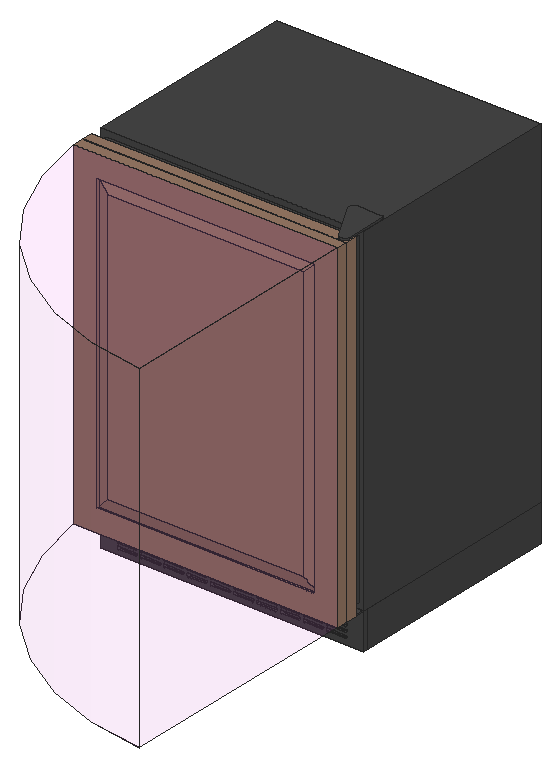
Revit family "QF_Summit_FF64BIF_Refrigerator", category Specialty Equipment, Revit 2020
Family settings
  Round Connector Dimension = Use Diameter
  Part Type = Normal
  Work Plane-Based = No
  Always vertical = Yes
  Cut with Voids When Loaded = No
  Shared = No
  Room Calculation Point = No
Parameters
  Weight in Pounds = 100
  Watts = Volts * FL Amps  # 230 W
  Volts = 115 V
  URL Cutsheet = ""
  Specification by User = ""
  Specification by Manufacturer = ""
  Show LHD [instance] = no
  Right Hinged Door [instance] = not(Show LHD)  # yes
  Serial Number = ""
  Seismic Rating = ""
  SMACNA No = ""
  Revision Code = ""
  Refrigerant Volume = 0.00 kip
  Refrigerant Type = "R600a"
  Phase = 1
  Number of Poles = 1
  NAFEM Spec ID Number = ""
  Model = "FF64BIF"
  Min Ckt Ampacity = 0 A
  Max Overcurrent Protection = 0 A
  Masterspec = ""
  Manufacturer = "Summit"
  Length = 23 5/8"
  Item Number = ""
  Installed By = ""
  Identify Quantity as Lot = yes
  Height = 34"
  HP = ""
  Furnished By = ""
  Foodservice Equipment Identifier = yes
  FL Amps = 2 A
  Electrical Remarks = ""
  Electric Connection Type = ""
  Elec Conn RI Height = 0"
  Elec Conn Connection Height = 0"
  Description = "Refrigerator"
  Depth = 23 1/2"
  Default Elevation = 0"
  Cycle = 60 Hz
  Conn Plug = ""
  Conn Conduit = yes
  CSI MasterFormat = ""
  BTUH = 0.0 Btu/h
  Apparent Power = if(Phase = 3, Volts * FL Amps * 1.73, Volts * FL Amps)  # 230 VA
Reference planes (in)
  plane 1 "BACK": y = 0
  plane 2: z = 0
  plane 3 "LEFT": x = 0
  plane 4 "RIGHT": x = 23.625
  plane 5 "FRONT": y = -23.5
  plane 6 "TOP": z = 34
  plane 7 "Center Y": x = 11.8125
  plane 8 "Center X": y = -11.75
  plane 9: z = 33.875
  plane 10: y = -45.63
  plane 11: y = -0.75
  plane 12: y = -20.5
  plane 13: x = 17.625
  plane 14: z = 0.125
  plane 15: z = 3.375
Forms (in)
  Extrusion 1, solid, material "QF_Metallic_Paint_Black_Smooth"
    sketch origin (-4.07558, -180, 2.125) x (-1, 0, 0) y (0, -1, 0)
      loop
        line (-4.07558, -179.25) -> (-4.07558, -159.5) -> (-27.70058, -159.5) -> (-27.70058, -179.25) -> (-4.07558, -179.25)
    from 1.25 to 31.75
  Extrusion 2, solid, material "QF_Wood_Mahogany"
    sketch origin (-5.77638, -180.125, 5.375) x (-1, 0, 0) y (0, -1, 0)
      loop
        line (-5.77638, -157.625) -> (-29.40138, -157.625) -> (-29.40138, -158.625) -> (-5.77638, -158.625) -> (-5.77638, -157.625)
    from -2 to 28.5
  Extrusion 3, solid, material "QF_Metallic_Paint_Black_Smooth"
    sketch origin (23.5, -21.5, 5.375) x (-1, 0, 0) y (0, 0, 1)
      loop
        line (0.375, -1.5) -> (23, -1.5) -> (23, 28) -> (0.375, 28) -> (0.375, -1.5)
    from 0 to 1
  Extrusion 4, solid, material "QF_Metallic_Paint_Black_Smooth", visible <- "Right Hinged Door"
    sketch origin (-5.77638, -180.125, 33.875) x (-1, 0, 0) y (0, -1, 0)
      loop
        arc (-29.27619, -161.7403) -> (-29.20297, -161.91708) -> (-29.02619, -161.9903) r 0.25
        line (-29.02619, -161.9903) -> (-26.9149, -161.9903)
        arc (-26.9149, -161.9903) -> (-26.55876, -161.78675) -> (-26.55339, -161.37658) r 0.41333
        line (-26.55339, -161.37658) -> (-28.47012, -157.91871)
        arc (-28.47012, -157.91871) -> (-28.95386, -157.71088) -> (-29.27619, -158.12717) r 0.42999
        line (-29.27619, -158.12717) -> (-29.27619, -161.7403)
    from 0 to 0.125
  Extrusion 5, solid, material "QF_Metallic_Paint_Black_Smooth", visible <- "Right Hinged Door"
    sketch origin (-5.77638, -180, 3.375) x (0, 1, 0) y (1, 0, 0)
      loop
        line (159.5, 29.27619) -> (158.12717, 29.27619)
        arc (158.12717, 29.27619) -> (157.71088, 28.95386) -> (157.91871, 28.47012) r 0.42999
        line (157.91871, 28.47012) -> (159.5, 27.5936) -> (159.5, 29.27619)
    from 0 to 0.125
  Extrusion 6, solid, material "QF_Metallic_Paint_Black_Smooth"
    sketch origin (-12.48311, -20.5, 48) x (-1, 0, 0) y (0, 0, 1)
      loop
        line (-12.48311, -44.625) -> (-36.10811, -44.625) -> (-36.10811, -47.875) -> (-12.48311, -47.875) -> (-12.48311, -44.625)
      loop
        line (-22.4856, -46.09375) -> (-24.01685, -46.09375)
        arc (-24.01685, -46.09375) -> (-24.18872, -46.26563) -> (-24.01685, -46.4375) r 0.17187
        line (-24.01685, -46.4375) -> (-22.4856, -46.4375)
        arc (-22.4856, -46.4375) -> (-22.31372, -46.26563) -> (-22.4856, -46.09375) r 0.17187
      loop
        line (-22.4856, -46.59375) -> (-24.01685, -46.59375)
        arc (-24.01685, -46.59375) -> (-24.18872, -46.76563) -> (-24.01685, -46.9375) r 0.17187
        line (-24.01685, -46.9375) -> (-22.4856, -46.9375)
        arc (-22.4856, -46.9375) -> (-22.31372, -46.76563) -> (-22.4856, -46.59375) r 0.17187
      loop
        line (-22.4856, -47.09375) -> (-24.01685, -47.09375)
        arc (-24.01685, -47.09375) -> (-24.18872, -47.26563) -> (-24.01685, -47.4375) r 0.17187
        line (-24.01685, -47.4375) -> (-22.4856, -47.4375)
        arc (-22.4856, -47.4375) -> (-22.31372, -47.26563) -> (-22.4856, -47.09375) r 0.17187
      loop
        arc (-22.4856, -45.90625) -> (-22.31372, -45.73438) -> (-22.4856, -45.5625) r 0.17187
        line (-22.4856, -45.5625) -> (-24.01685, -45.5625)
        arc (-24.01685, -45.5625) -> (-24.18872, -45.73438) -> (-24.01685, -45.90625) r 0.17187
        line (-24.01685, -45.90625) -> (-22.4856, -45.90625)
      loop
        arc (-22.4856, -45.40625) -> (-22.31372, -45.23438) -> (-22.4856, -45.0625) r 0.17187
        line (-22.4856, -45.0625) -> (-24.01685, -45.0625)
        arc (-24.01685, -45.0625) -> (-24.18872, -45.23438) -> (-24.01685, -45.40625) r 0.17187
        line (-24.01685, -45.40625) -> (-22.4856, -45.40625)
      loop
        arc (-26.10561, -46.09375) -> (-26.27749, -46.26563) -> (-26.10561, -46.4375) r 0.17187
        line (-26.10561, -46.4375) -> (-24.57436, -46.4375)
        arc (-24.57436, -46.4375) -> (-24.40249, -46.26563) -> (-24.57436, -46.09375) r 0.17187
        line (-24.57436, -46.09375) -> (-26.10561, -46.09375)
      loop
        arc (-26.10561, -46.59375) -> (-26.27749, -46.76563) -> (-26.10561, -46.9375) r 0.17187
        line (-26.10561, -46.9375) -> (-24.57436, -46.9375)
        arc (-24.57436, -46.9375) -> (-24.40249, -46.76563) -> (-24.57436, -46.59375) r 0.17187
        line (-24.57436, -46.59375) -> (-26.10561, -46.59375)
      loop
        arc (-26.10561, -47.09375) -> (-26.27749, -47.26563) -> (-26.10561, -47.4375) r 0.17187
        line (-26.10561, -47.4375) -> (-24.57436, -47.4375)
        arc (-24.57436, -47.4375) -> (-24.40249, -47.26563) -> (-24.57436, -47.09375) r 0.17187
        line (-24.57436, -47.09375) -> (-26.10561, -47.09375)
      loop
        line (-26.10561, -45.90625) -> (-24.57436, -45.90625)
        arc (-24.57436, -45.90625) -> (-24.40249, -45.73438) -> (-24.57436, -45.5625) r 0.17187
        line (-24.57436, -45.5625) -> (-26.10561, -45.5625)
        arc (-26.10561, -45.5625) -> (-26.27749, -45.73438) -> (-26.10561, -45.90625) r 0.17187
      loop
        line (-26.10561, -45.40625) -> (-24.57436, -45.40625)
        arc (-24.57436, -45.40625) -> (-24.40249, -45.23438) -> (-24.57436, -45.0625) r 0.17187
        line (-24.57436, -45.0625) -> (-26.10561, -45.0625)
        arc (-26.10561, -45.0625) -> (-26.27749, -45.23438) -> (-26.10561, -45.40625) r 0.17187
      loop
        line (-20.39683, -46.09375) -> (-21.92808, -46.09375)
        arc (-21.92808, -46.09375) -> (-22.09995, -46.26563) -> (-21.92808, -46.4375) r 0.17187
        line (-21.92808, -46.4375) -> (-20.39683, -46.4375)
        arc (-20.39683, -46.4375) -> (-20.22495, -46.26563) -> (-20.39683, -46.09375) r 0.17187
      loop
        line (-20.39683, -46.59375) -> (-21.92808, -46.59375)
        arc (-21.92808, -46.59375) -> (-22.09995, -46.76563) -> (-21.92808, -46.9375) r 0.17187
        line (-21.92808, -46.9375) -> (-20.39683, -46.9375)
        arc (-20.39683, -46.9375) -> (-20.22495, -46.76563) -> (-20.39683, -46.59375) r 0.17187
      loop
        line (-20.39683, -47.09375) -> (-21.92808, -47.09375)
        arc (-21.92808, -47.09375) -> (-22.09995, -47.26563) -> (-21.92808, -47.4375) r 0.17187
        line (-21.92808, -47.4375) -> (-20.39683, -47.4375)
        arc (-20.39683, -47.4375) -> (-20.22495, -47.26563) -> (-20.39683, -47.09375) r 0.17187
      loop
        arc (-20.39683, -45.90625) -> (-20.22495, -45.73438) -> (-20.39683, -45.5625) r 0.17187
        line (-20.39683, -45.5625) -> (-21.92808, -45.5625)
        arc (-21.92808, -45.5625) -> (-22.09995, -45.73438) -> (-21.92808, -45.90625) r 0.17187
        line (-21.92808, -45.90625) -> (-20.39683, -45.90625)
      loop
        arc (-20.39683, -45.40625) -> (-20.22495, -45.23438) -> (-20.39683, -45.0625) r 0.17187
        line (-20.39683, -45.0625) -> (-21.92808, -45.0625)
        arc (-21.92808, -45.0625) -> (-22.09995, -45.23438) -> (-21.92808, -45.40625) r 0.17187
        line (-21.92808, -45.40625) -> (-20.39683, -45.40625)
      loop
        line (-18.30806, -46.09375) -> (-19.83931, -46.09375)
        arc (-19.83931, -46.09375) -> (-20.01119, -46.26563) -> (-19.83931, -46.4375) r 0.17187
        line (-19.83931, -46.4375) -> (-18.30806, -46.4375)
        arc (-18.30806, -46.4375) -> (-18.13619, -46.26563) -> (-18.30806, -46.09375) r 0.17187
      loop
        line (-18.30806, -46.59375) -> (-19.83931, -46.59375)
        arc (-19.83931, -46.59375) -> (-20.01119, -46.76563) -> (-19.83931, -46.9375) r 0.17187
        line (-19.83931, -46.9375) -> (-18.30806, -46.9375)
        arc (-18.30806, -46.9375) -> (-18.13619, -46.76563) -> (-18.30806, -46.59375) r 0.17187
      loop
        line (-18.30806, -47.09375) -> (-19.83931, -47.09375)
        arc (-19.83931, -47.09375) -> (-20.01119, -47.26563) -> (-19.83931, -47.4375) r 0.17187
        line (-19.83931, -47.4375) -> (-18.30806, -47.4375)
        arc (-18.30806, -47.4375) -> (-18.13619, -47.26563) -> (-18.30806, -47.09375) r 0.17187
      loop
        arc (-18.30806, -45.90625) -> (-18.13619, -45.73438) -> (-18.30806, -45.5625) r 0.17187
        line (-18.30806, -45.5625) -> (-19.83931, -45.5625)
        arc (-19.83931, -45.5625) -> (-20.01119, -45.73438) -> (-19.83931, -45.90625) r 0.17187
        line (-19.83931, -45.90625) -> (-18.30806, -45.90625)
      loop
        arc (-18.30806, -45.40625) -> (-18.13619, -45.23438) -> (-18.30806, -45.0625) r 0.17187
        line (-18.30806, -45.0625) -> (-19.83931, -45.0625)
        arc (-19.83931, -45.0625) -> (-20.01119, -45.23438) -> (-19.83931, -45.40625) r 0.17187
        line (-19.83931, -45.40625) -> (-18.30806, -45.40625)
      loop
        line (-16.21929, -46.09375) -> (-17.75054, -46.09375)
        arc (-17.75054, -46.09375) -> (-17.92242, -46.26563) -> (-17.75054, -46.4375) r 0.17187
        line (-17.75054, -46.4375) -> (-16.21929, -46.4375)
        arc (-16.21929, -46.4375) -> (-16.04742, -46.26563) -> (-16.21929, -46.09375) r 0.17187
      loop
        line (-16.21929, -46.59375) -> (-17.75054, -46.59375)
        arc (-17.75054, -46.59375) -> (-17.92242, -46.76563) -> (-17.75054, -46.9375) r 0.17187
        line (-17.75054, -46.9375) -> (-16.21929, -46.9375)
        arc (-16.21929, -46.9375) -> (-16.04742, -46.76563) -> (-16.21929, -46.59375) r 0.17187
      loop
        line (-16.21929, -47.09375) -> (-17.75054, -47.09375)
        arc (-17.75054, -47.09375) -> (-17.92242, -47.26563) -> (-17.75054, -47.4375) r 0.17187
        line (-17.75054, -47.4375) -> (-16.21929, -47.4375)
        arc (-16.21929, -47.4375) -> (-16.04742, -47.26563) -> (-16.21929, -47.09375) r 0.17187
      loop
        arc (-16.21929, -45.90625) -> (-16.04742, -45.73438) -> (-16.21929, -45.5625) r 0.17187
        line (-16.21929, -45.5625) -> (-17.75054, -45.5625)
        arc (-17.75054, -45.5625) -> (-17.92242, -45.73438) -> (-17.75054, -45.90625) r 0.17187
        line (-17.75054, -45.90625) -> (-16.21929, -45.90625)
      loop
        arc (-16.21929, -45.40625) -> (-16.04742, -45.23438) -> (-16.21929, -45.0625) r 0.17187
        line (-16.21929, -45.0625) -> (-17.75054, -45.0625)
        arc (-17.75054, -45.0625) -> (-17.92242, -45.23438) -> (-17.75054, -45.40625) r 0.17187
        line (-17.75054, -45.40625) -> (-16.21929, -45.40625)
      loop
        line (-14.13053, -46.09375) -> (-15.66178, -46.09375)
        arc (-15.66178, -46.09375) -> (-15.83365, -46.26563) -> (-15.66178, -46.4375) r 0.17187
        line (-15.66178, -46.4375) -> (-14.13053, -46.4375)
        arc (-14.13053, -46.4375) -> (-13.95865, -46.26563) -> (-14.13053, -46.09375) r 0.17187
      loop
        line (-14.13053, -46.59375) -> (-15.66178, -46.59375)
        arc (-15.66178, -46.59375) -> (-15.83365, -46.76563) -> (-15.66178, -46.9375) r 0.17187
        line (-15.66178, -46.9375) -> (-14.13053, -46.9375)
        arc (-14.13053, -46.9375) -> (-13.95865, -46.76563) -> (-14.13053, -46.59375) r 0.17187
      loop
        line (-14.13053, -47.09375) -> (-15.66178, -47.09375)
        arc (-15.66178, -47.09375) -> (-15.83365, -47.26563) -> (-15.66178, -47.4375) r 0.17187
        line (-15.66178, -47.4375) -> (-14.13053, -47.4375)
        arc (-14.13053, -47.4375) -> (-13.95865, -47.26563) -> (-14.13053, -47.09375) r 0.17187
      loop
        arc (-14.13053, -45.90625) -> (-13.95865, -45.73438) -> (-14.13053, -45.5625) r 0.17187
        line (-14.13053, -45.5625) -> (-15.66178, -45.5625)
        arc (-15.66178, -45.5625) -> (-15.83365, -45.73438) -> (-15.66178, -45.90625) r 0.17187
        line (-15.66178, -45.90625) -> (-14.13053, -45.90625)
      loop
        arc (-14.13053, -45.40625) -> (-13.95865, -45.23438) -> (-14.13053, -45.0625) r 0.17187
        line (-14.13053, -45.0625) -> (-15.66178, -45.0625)
        arc (-15.66178, -45.0625) -> (-15.83365, -45.23438) -> (-15.66178, -45.40625) r 0.17187
        line (-15.66178, -45.40625) -> (-14.13053, -45.40625)
      loop
        arc (-28.19438, -46.09375) -> (-28.36626, -46.26563) -> (-28.19438, -46.4375) r 0.17187
        line (-28.19438, -46.4375) -> (-26.66313, -46.4375)
        arc (-26.66313, -46.4375) -> (-26.49126, -46.26563) -> (-26.66313, -46.09375) r 0.17187
        line (-26.66313, -46.09375) -> (-28.19438, -46.09375)
      loop
        arc (-28.19438, -46.59375) -> (-28.36626, -46.76563) -> (-28.19438, -46.9375) r 0.17187
        line (-28.19438, -46.9375) -> (-26.66313, -46.9375)
        arc (-26.66313, -46.9375) -> (-26.49126, -46.76563) -> (-26.66313, -46.59375) r 0.17187
        line (-26.66313, -46.59375) -> (-28.19438, -46.59375)
      loop
        arc (-28.19438, -47.09375) -> (-28.36626, -47.26563) -> (-28.19438, -47.4375) r 0.17187
        line (-28.19438, -47.4375) -> (-26.66313, -47.4375)
        arc (-26.66313, -47.4375) -> (-26.49126, -47.26563) -> (-26.66313, -47.09375) r 0.17187
        line (-26.66313, -47.09375) -> (-28.19438, -47.09375)
      loop
        line (-28.19438, -45.90625) -> (-26.66313, -45.90625)
        arc (-26.66313, -45.90625) -> (-26.49126, -45.73438) -> (-26.66313, -45.5625) r 0.17187
        line (-26.66313, -45.5625) -> (-28.19438, -45.5625)
        arc (-28.19438, -45.5625) -> (-28.36626, -45.73438) -> (-28.19438, -45.90625) r 0.17187
      loop
        line (-28.19438, -45.40625) -> (-26.66313, -45.40625)
        arc (-26.66313, -45.40625) -> (-26.49126, -45.23438) -> (-26.66313, -45.0625) r 0.17187
        line (-26.66313, -45.0625) -> (-28.19438, -45.0625)
        arc (-28.19438, -45.0625) -> (-28.36626, -45.23438) -> (-28.19438, -45.40625) r 0.17187
      loop
        arc (-30.28315, -46.09375) -> (-30.45502, -46.26563) -> (-30.28315, -46.4375) r 0.17187
        line (-30.28315, -46.4375) -> (-28.7519, -46.4375)
        arc (-28.7519, -46.4375) -> (-28.58002, -46.26563) -> (-28.7519, -46.09375) r 0.17187
        line (-28.7519, -46.09375) -> (-30.28315, -46.09375)
      loop
        arc (-30.28315, -46.59375) -> (-30.45502, -46.76563) -> (-30.28315, -46.9375) r 0.17187
        line (-30.28315, -46.9375) -> (-28.7519, -46.9375)
        arc (-28.7519, -46.9375) -> (-28.58002, -46.76563) -> (-28.7519, -46.59375) r 0.17187
        line (-28.7519, -46.59375) -> (-30.28315, -46.59375)
      loop
        arc (-30.28315, -47.09375) -> (-30.45502, -47.26563) -> (-30.28315, -47.4375) r 0.17187
        line (-30.28315, -47.4375) -> (-28.7519, -47.4375)
        arc (-28.7519, -47.4375) -> (-28.58002, -47.26563) -> (-28.7519, -47.09375) r 0.17187
        line (-28.7519, -47.09375) -> (-30.28315, -47.09375)
      loop
        line (-30.28315, -45.90625) -> (-28.7519, -45.90625)
        arc (-28.7519, -45.90625) -> (-28.58002, -45.73438) -> (-28.7519, -45.5625) r 0.17187
        line (-28.7519, -45.5625) -> (-30.28315, -45.5625)
        arc (-30.28315, -45.5625) -> (-30.45502, -45.73438) -> (-30.28315, -45.90625) r 0.17187
      loop
        line (-30.28315, -45.40625) -> (-28.7519, -45.40625)
        arc (-28.7519, -45.40625) -> (-28.58002, -45.23438) -> (-28.7519, -45.0625) r 0.17187
        line (-28.7519, -45.0625) -> (-30.28315, -45.0625)
        arc (-30.28315, -45.0625) -> (-30.45502, -45.23438) -> (-30.28315, -45.40625) r 0.17187
      loop
        arc (-32.37192, -46.09375) -> (-32.54379, -46.26563) -> (-32.37192, -46.4375) r 0.17187
        line (-32.37192, -46.4375) -> (-30.84067, -46.4375)
        arc (-30.84067, -46.4375) -> (-30.66879, -46.26563) -> (-30.84067, -46.09375) r 0.17187
        line (-30.84067, -46.09375) -> (-32.37192, -46.09375)
      loop
        arc (-32.37192, -46.59375) -> (-32.54379, -46.76563) -> (-32.37192, -46.9375) r 0.17187
        line (-32.37192, -46.9375) -> (-30.84067, -46.9375)
        arc (-30.84067, -46.9375) -> (-30.66879, -46.76563) -> (-30.84067, -46.59375) r 0.17187
        line (-30.84067, -46.59375) -> (-32.37192, -46.59375)
      loop
        arc (-32.37192, -47.09375) -> (-32.54379, -47.26563) -> (-32.37192, -47.4375) r 0.17187
        line (-32.37192, -47.4375) -> (-30.84067, -47.4375)
        arc (-30.84067, -47.4375) -> (-30.66879, -47.26563) -> (-30.84067, -47.09375) r 0.17187
        line (-30.84067, -47.09375) -> (-32.37192, -47.09375)
      loop
        line (-32.37192, -45.90625) -> (-30.84067, -45.90625)
        arc (-30.84067, -45.90625) -> (-30.66879, -45.73438) -> (-30.84067, -45.5625) r 0.17187
        line (-30.84067, -45.5625) -> (-32.37192, -45.5625)
        arc (-32.37192, -45.5625) -> (-32.54379, -45.73438) -> (-32.37192, -45.90625) r 0.17187
      loop
        line (-32.37192, -45.40625) -> (-30.84067, -45.40625)
        arc (-30.84067, -45.40625) -> (-30.66879, -45.23438) -> (-30.84067, -45.0625) r 0.17187
        line (-30.84067, -45.0625) -> (-32.37192, -45.0625)
        arc (-32.37192, -45.0625) -> (-32.54379, -45.23438) -> (-32.37192, -45.40625) r 0.17187
      loop
        arc (-34.46068, -46.09375) -> (-34.63256, -46.26563) -> (-34.46068, -46.4375) r 0.17187
        line (-34.46068, -46.4375) -> (-32.92943, -46.4375)
        arc (-32.92943, -46.4375) -> (-32.75756, -46.26563) -> (-32.92943, -46.09375) r 0.17187
        line (-32.92943, -46.09375) -> (-34.46068, -46.09375)
      loop
        arc (-34.46068, -46.59375) -> (-34.63256, -46.76563) -> (-34.46068, -46.9375) r 0.17187
        line (-34.46068, -46.9375) -> (-32.92943, -46.9375)
        arc (-32.92943, -46.9375) -> (-32.75756, -46.76563) -> (-32.92943, -46.59375) r 0.17187
        line (-32.92943, -46.59375) -> (-34.46068, -46.59375)
      loop
        arc (-34.46068, -47.09375) -> (-34.63256, -47.26563) -> (-34.46068, -47.4375) r 0.17187
        line (-34.46068, -47.4375) -> (-32.92943, -47.4375)
        arc (-32.92943, -47.4375) -> (-32.75756, -47.26563) -> (-32.92943, -47.09375) r 0.17187
        line (-32.92943, -47.09375) -> (-34.46068, -47.09375)
      loop
        line (-34.46068, -45.90625) -> (-32.92943, -45.90625)
        arc (-32.92943, -45.90625) -> (-32.75756, -45.73438) -> (-32.92943, -45.5625) r 0.17187
        line (-32.92943, -45.5625) -> (-34.46068, -45.5625)
        arc (-34.46068, -45.5625) -> (-34.63256, -45.73438) -> (-34.46068, -45.90625) r 0.17187
      loop
        line (-34.46068, -45.40625) -> (-32.92943, -45.40625)
        arc (-32.92943, -45.40625) -> (-32.75756, -45.23438) -> (-32.92943, -45.0625) r 0.17187
        line (-32.92943, -45.0625) -> (-34.46068, -45.0625)
        arc (-34.46068, -45.0625) -> (-34.63256, -45.23438) -> (-34.46068, -45.40625) r 0.17187
    from 0 to 0.25
  Extrusion 7, solid, material "QF_Metallic_Paint_Black_Smooth"
    sketch origin (-12.48311, -1, 48) x (-1, 0, 0) y (0, 0, 1)
      loop
        line (-12.48311, -44.625) -> (-36.10811, -44.625) -> (-36.10811, -47.875) -> (-12.48311, -47.875) -> (-12.48311, -44.625)
    from -19.25 to 0.25
  Extrusion 8, solid, material "QF_Metallic_Paint_Black_Smooth"
    sketch origin (0, 0, 0) x (1, 0, 0) y (0, 1, 0)
      loop
        circle (3.1104, -18.5) r 0.5
      loop
        circle (3.1104, -2.75) r 0.5
      loop
        circle (20.5146, -18.5) r 0.5
      loop
        circle (20.5146, -2.75) r 0.5
    from 0 to 0.125
  Extrusion 9, solid, material "QF_Metal_Stainless_Polished"
    sketch origin (0.16331, -0.75, 2.77816) x (1, 0, 0) y (0, 0, -1)
      loop
        circle (17.46169, 1.02816) r 0.25
    from 0 to 0.25
  Extrusion 10, solid, material "QF_Metallic_Paint_Black_Smooth"
    sketch origin (0, -0.75, 19.625) x (0, -1, 0) y (1, 0, 0)
      loop
        line (-0.75, 9.30778) -> (0, 9.30778) -> (0, 14.31722) -> (-0.75, 14.31722) -> (-0.75, 9.30778)
    from -3 to 3
  Extrusion 11, solid, material "QF_Clearances_Door_Drawer", visible <- "Right Hinged Door"
    sketch origin (-5.77638, -180.125, 3.375) x (0, -1, 0) y (-1, 0, 0)
      loop
        line (-156.625, -29.40138) -> (-134.495, -29.40138)
        arc (-134.495, -29.40138) -> (-141.24152, -13.54367) -> (-156.625, -5.77638) r 25.09493
        line (-156.625, -5.77638) -> (-156.625, -29.40138)
    from 0 to -30.5
  Extrusion 12, solid, material "QF_Wood_Mahogany"
    sketch origin (23.625, -22.5, 5.375) x (-1, 0, 0) y (0, 0, 1)
      loop
        line (23.625, 28.5) -> (0, 28.5) -> (0, -2) -> (23.625, -2) -> (23.625, 28.5)
      loop
        line (21.625, 0) -> (21.625, 26.5) -> (2, 26.5) -> (2, 0) -> (21.625, 0)
    from 0 to -1
  Extrusion 13, solid
    sketch origin (23.625, -22.5, 5.375) x (-1, 0, 0) y (0, 0, 1)
      loop
        line (21.625, 26.5) -> (2, 26.5) -> (2, 0) -> (21.625, 0) -> (21.625, 26.5)
    from 0 to -0.75
  Blend 14, solid, material "QF_Wood_Mahogany"
    base sketch origin (23.625, -23.25, 5.375) x (1, 0, 0) y (0, 0, 1)
      loop
        line (-21.625, 26.5) -> (-21.625, 0) -> (-2, 0) -> (-2, 26.5) -> (-21.625, 26.5)
    top sketch origin (23.625, -23.25, 5.375) x (-1, 0, 0) y (0, 0, 1)
      loop
        line (20.625, 1) -> (20.625, 25.5) -> (3, 25.5) -> (3, 1) -> (20.625, 1)
    from 0 to 0.25
  Extrusion 15, solid, material "QF_Metallic_Paint_Black_Smooth", visible <- "Show LHD"
    sketch origin (29.40138, -180.125, 33.875) x (1, 0, 0) y (0, 1, 0)
      loop
        line (-29.27619, 161.7403) -> (-29.27619, 158.12717)
        arc (-29.27619, 158.12717) -> (-28.95386, 157.71088) -> (-28.47012, 157.91871) r 0.42999
        line (-28.47012, 157.91871) -> (-26.55339, 161.37658)
        arc (-26.55339, 161.37658) -> (-26.55876, 161.78675) -> (-26.9149, 161.9903) r 0.41333
        line (-26.9149, 161.9903) -> (-29.02619, 161.9903)
        arc (-29.02619, 161.9903) -> (-29.20297, 161.91708) -> (-29.27619, 161.7403) r 0.25
    from 0 to 0.125
  Extrusion 16, solid, material "QF_Metallic_Paint_Black_Smooth", visible <- "Show LHD"
    sketch origin (29.40138, -180, 3.375) x (0, -1, 0) y (-1, 0, 0)
      loop
        line (-159.5, 29.27619) -> (-159.5, 27.5936) -> (-157.91871, 28.47012)
        arc (-157.91871, 28.47012) -> (-157.71088, 28.95386) -> (-158.12717, 29.27619) r 0.42999
        line (-158.12717, 29.27619) -> (-159.5, 29.27619)
    from 0 to 0.125
  Extrusion 17, solid, material "QF_Clearances_Door_Drawer", visible <- "Show LHD"
    sketch origin (29.40138, -180.125, 3.375) x (0, 1, 0) y (1, 0, 0)
      loop
        line (156.625, -29.40138) -> (156.625, -5.77638)
        arc (156.625, -5.77638) -> (141.24152, -13.54367) -> (134.495, -29.40138) r 25.09493
        line (134.495, -29.40138) -> (156.625, -29.40138)
    from 0 to -30.5
Lines and regions (in)
  symbolic lines
    curve 1: line (0, -23.5, 0) -> (23.625, -23.5, 0)
    curve 2: line (23.625, -22.5, 0) -> (0, -22.5, 0)
    curve 3: line (23.625, -21.5, 0) -> (23.49982, -21.5, 0)
    curve 4: line (0, -20.5, 0) -> (0.12518, -20.5, 0)
    curve 5: line (23.625, -0.75, 0) -> (0, -0.75, 0)
    curve 6: line (14.31722, 0, 0) -> (9.30778, 0, 0)
    curve 7: line (0, -0.75, 0) -> (0, -20.5, 0)
    curve 8: line (23.625, -20.5, 0) -> (23.625, -0.75, 0)
    curve 9: line (9.30778, 0, 0) -> (9.30778, -0.75, 0)
    curve 10: line (14.31722, -0.75, 0) -> (14.31722, 0, 0)
    curve 12: line (0, -21.5, 0) -> (0, -22.5, 0)
    curve 13: line (0, -22.5, 0) -> (0, -23.5, 0)
    curve 14: line (23.625, -23.5, 0) -> (23.625, -22.5, 0)
    curve 15: line (23.625, -22.5, 0) -> (23.625, -21.5, 0)
    curve 22: line (22.30224, -21.5, 0) -> (1.32276, -21.5, 0)
    curve 23: line (23.49982, -20.5, 0) -> (23.625, -20.5, 0)
    curve 34: line (1.87707, -20.5, 0) -> (21.74793, -20.5, 0)
    curve 37: line (0.12518, -21.5, 0) -> (0, -21.5, 0)
  symbolic lines, visible <- "Right Hinged Door"
    curve 11: line (0.5, -20.5, 0) -> (0.5, -21.5, 0)
    curve 16: line (23.24982, -18.1347, 0) -> (21.13852, -18.1347, 0)
    curve 17: arc (21.13852, -18.1347, 0) -> (20.78238, -18.33825, 0) -> (20.77701, -18.74842, 0) r 0.41333
    curve 18: line (20.77701, -18.74842, 0) -> (22.69374, -22.20629, 0)
    curve 19: arc (22.69374, -22.20629, 0) -> (23.17748, -22.41412, 0) -> (23.49982, -21.99783, 0) r 0.42999
    curve 20: line (23.49982, -21.99783, 0) -> (23.49982, -18.3847, 0)
    curve 21: arc (23.49982, -18.3847, 0) -> (23.42659, -18.20792, 0) -> (23.24982, -18.1347, 0) r 0.25
    curve 35: line (0.12518, -20.5, 0) -> (1.87707, -20.5, 0)
    curve 36: line (1.32276, -21.5, 0) -> (0.12518, -21.5, 0)
  symbolic lines, style "QF_Clearances_Door_Drawer", visible <- "Right Hinged Door"
    curve 24: line (23.625, -23.5, 0) -> (4.07697, -34.53981, 0)
    curve 25: arc (4.07697, -34.53981, 0) -> (1.38218, -29.26228, 0) -> (0, -23.5, 0) r 25.09493
  symbolic lines, visible <- "Show LHD"
    curve 26: line (0.37518, -18.1347, 0) -> (2.48648, -18.1347, 0)
    curve 27: arc (2.48648, -18.1347, 0) -> (2.84262, -18.33825, 0) -> (2.84799, -18.74842, 0) r 0.41333
    curve 28: line (2.84799, -18.74842, 0) -> (0.93126, -22.20629, 0)
    curve 29: arc (0.93126, -22.20629, 0) -> (0.44752, -22.41412, 0) -> (0.12518, -21.99783, 0) r 0.42999
    curve 30: line (0.12518, -21.99783, 0) -> (0.12518, -18.3847, 0)
    curve 31: arc (0.12518, -18.3847, 0) -> (0.19841, -18.20792, 0) -> (0.37518, -18.1347, 0) r 0.25
    curve 38: line (23.125, -20.5, 0) -> (23.125, -21.5, 0)
    curve 39: line (23.49982, -20.5, 0) -> (21.74793, -20.5, 0)
    curve 40: line (22.30224, -21.5, 0) -> (23.49982, -21.5, 0)
  symbolic lines, style "QF_Clearances_Door_Drawer", visible <- "Show LHD"
    curve 32: line (0, -23.5, 0) -> (19.54803, -34.53981, 0)
    curve 33: arc (19.54803, -34.53981, 0) -> (22.24282, -29.26228, 0) -> (23.625, -23.5, 0) r 25.09493
Dimensions and locks (in)
  equal spacing: plane 3 "LEFT", plane 7 "Center Y", plane 4 "RIGHT"
  "Length": plane 3 "LEFT" to plane 4 "RIGHT"
  equal spacing: plane 5 "FRONT", plane 8 "Center X", plane 1 "BACK"
  "Depth": plane 5 "FRONT" to plane 1 "BACK"
  "Height": plane 6 "TOP" to level
  plane 4 "RIGHT" to plane 3 "LEFT" = 23 5/8"
  locked: plane 6 "TOP" to plane 9 at 0.125
  plane 1 "BACK" to plane 11 = 3/4"
  plane 11 to plane 12 = 19 3/4"
  plane 10 to plane 1 "BACK" = 45.63"
  plane 13 to plane 4 "RIGHT" = 6"
  plane 14 to plane 2 = 1/8"
  plane 15 to plane 14 = 3 1/4"
  aligned and locked: level to plane 2
Automatic sketch dimensions
  Extrusion 1 sketch curve to plane 4 "RIGHT" = 0"
  Extrusion 1 sketch curve to plane 3 "LEFT" = 0"
  Extrusion 1 sketch curve to plane 11 = 0"
  Extrusion 1 sketch curve to plane 12 = 0"
  Extrusion 2 sketch curve to plane 4 "RIGHT" = 0"
  Extrusion 2 sketch curve to plane 3 "LEFT" = 0"
  Extrusion 2 sketch curve to plane 12 = 1"
  Extrusion 2 sketch curve to Extrusion 2 sketch curve = 1"
  Extrusion 2 to Extrusion 3 sketch curve = 1/2"  (x3)
  Extrusion 3 sketch curve to Extrusion 2 = 1/2"
  Extrusion 4 sketch curve to Extrusion 2 = 0.12518"
  Extrusion 4 sketch curve to Extrusion 4 sketch curve = 1/4"
  Extrusion 4 sketch curve to Extrusion 4 sketch curve = 0.42999"
  Extrusion 4 sketch curve to Extrusion 2 = 0.29371"
  Extrusion 4 sketch curve to Extrusion 4 sketch curve = 0.37608"
  Extrusion 4 sketch curve to Extrusion 4 sketch curve = 2.1113"
  Extrusion 4 sketch curve to Extrusion 4 sketch curve = 0.36151"
  Extrusion 2 to Extrusion 4 sketch curve = 2.75158"
  Extrusion 4 sketch curve to Extrusion 4 sketch curve = 0.20039"
  Extrusion 5 sketch curve to plane 12 = 0"
  plane 4 "RIGHT" to Extrusion 5 sketch curve = 0.55518"
  Extrusion 5 sketch curve to plane 12 = 1.37283"
  Extrusion 5 sketch curve to Extrusion 5 sketch curve = 0.20846"
  plane 4 "RIGHT" to Extrusion 5 sketch curve = 0.12518"
  Extrusion 5 sketch curve to Extrusion 5 sketch curve = 1.6826"
  plane 4 "RIGHT" to Extrusion 6 sketch curve = 0"
  Extrusion 6 sketch curve to plane 3 "LEFT" = 0"
  Extrusion 6 sketch curve to plane 14 = 0"
  Extrusion 6 sketch curve to plane 15 = 0"
  Extrusion 6 sketch curve to plane 15 = 39/64"  (x2)
  plane 4 "RIGHT" to Extrusion 6 sketch curve = 1.64742"
  Extrusion 6 sketch curve to Extrusion 6 sketch curve = 0"  (x67)
  plane 14 to Extrusion 6 sketch curve = 7/16"  (x8)
  Extrusion 6 sketch curve to Extrusion 6 sketch curve = 1 17/32"  (x7)
  Extrusion 6 sketch curve to Extrusion 6 sketch curve = 0.55752"  (x12)
  Extrusion 6 sketch curve to plane 13 = 0.73256"
  Extrusion 6 sketch curve to plane 13 = 0.17504"  (x4)
  plane 13 to Extrusion 6 sketch curve = 1.35621"
  plane 7 "Center Y" to Extrusion 6 sketch curve = 0.27876"  (x4)
  Extrusion 6 sketch curve to plane 7 "Center Y" = 0.27876"  (x3)
  plane 14 to Extrusion 6 sketch curve = 39/64"  (x2)
  Extrusion 6 sketch curve to Extrusion 6 sketch curve = 11/64"  (x48)
  Extrusion 6 sketch curve to Extrusion 6 sketch curve = 5/32"  (x30)
  Extrusion 6 sketch curve to Extrusion 6 sketch curve = 3/16"  (x10)
  plane 4 "RIGHT" to Extrusion 7 sketch curve = 0"
  Extrusion 7 sketch curve to plane 3 "LEFT" = 0"
  Extrusion 7 sketch curve to plane 14 = 0"
  Extrusion 7 sketch curve to plane 15 = 0"
  plane 3 "LEFT" to Extrusion 8 sketch curve = 3.1104"  (x2)
  Extrusion 8 sketch curve to plane 13 = 2.8896"  (x2)
  plane 12 to Extrusion 8 sketch curve = 2"  (x2)
  Extrusion 8 sketch curve to plane 11 = 2"  (x2)
  Extrusion 9 sketch curve to Extrusion 1 = 1 5/8"
  Extrusion 9 sketch curve to Extrusion 1 = 6"
  plane 1 "BACK" to Extrusion 10 sketch curve = 0"
  Extrusion 10 sketch curve to plane 11 = 0"
  Extrusion 10 sketch curve to plane 7 "Center Y" = 2.50472"
  plane 7 "Center Y" to Extrusion 10 sketch curve = 2.50472"
  Extrusion 11 sketch curve to Extrusion 2 = 0"  (x2)
  Extrusion 11 sketch curve to Extrusion 2 = 0.93133"
  Extrusion 11 sketch curve to Extrusion 2 = 1"
  Extrusion 11 sketch curve to Extrusion 11 sketch curve = 22.13"
  plane 4 "RIGHT" to Extrusion 12 sketch curve = 0"
  Extrusion 12 sketch curve to plane 3 "LEFT" = 0"
  Extrusion 12 sketch curve to plane 15 = 0"
  Extrusion 12 sketch curve to plane 9 = 0"
  plane 4 "RIGHT" to Extrusion 12 sketch curve = 2"
  plane 3 "LEFT" to Extrusion 12 sketch curve = 2"
  plane 15 to Extrusion 12 sketch curve = 2"
  Extrusion 12 sketch curve to plane 9 = 2"
  Extrusion 12 to Extrusion 13 sketch curve = 0"
  Extrusion 13 sketch curve to Extrusion 12 = 0"  (x3)
  Extrusion 13 to Blend 14 sketch curve = 0"
  Blend 14 sketch curve to Extrusion 13 = 0"  (x3)
  Extrusion 13 to Blend 14 sketch curve = 1"  (x4)
  Extrusion 15 sketch curve to Extrusion 2 = 0.12518"
  Extrusion 15 sketch curve to Extrusion 15 sketch curve = 1/4"
  Extrusion 15 sketch curve to Extrusion 15 sketch curve = 0.42999"
  Extrusion 15 sketch curve to Extrusion 2 = 0.29371"
  Extrusion 15 sketch curve to Extrusion 15 sketch curve = 0.37608"
  Extrusion 15 sketch curve to Extrusion 15 sketch curve = 2.1113"
  Extrusion 15 sketch curve to Extrusion 15 sketch curve = 0.36151"
  Extrusion 2 to Extrusion 15 sketch curve = 2.75158"
  Extrusion 15 sketch curve to Extrusion 15 sketch curve = 0.20039"
  Extrusion 16 sketch curve to plane 12 = 0"
  plane 3 "LEFT" to Extrusion 16 sketch curve = 0.12518"
  Extrusion 16 sketch curve to Extrusion 16 sketch curve = 1.37283"
  plane 3 "LEFT" to Extrusion 16 sketch curve = 0.93126"
  Extrusion 16 sketch curve to Extrusion 16 sketch curve = 0.20846"
  Extrusion 16 sketch curve to Extrusion 16 sketch curve = 1.6826"
  Extrusion 17 sketch curve to Extrusion 2 = 0"  (x2)
  Extrusion 17 sketch curve to Extrusion 2 = 23.13"
  Extrusion 17 sketch curve to Extrusion 2 = 1"
  Extrusion 17 sketch curve to Extrusion 2 = 0.93133"
  curve 12 to plane 3 "LEFT" = 0"
  curve 4 to plane 3 "LEFT" = 0"
  curve 35 to plane 12 = 0"
  curve 4 to plane 12 = 0"
  curve 34 to plane 12 = 0"
  plane 1 "BACK" to curve 9 = 0"
  curve 9 to plane 11 = 0"
  curve 39 to plane 12 = 0"
  curve 23 to plane 12 = 0"
  curve 33 to plane 4 "RIGHT" = 0"
  curve 23 to plane 4 "RIGHT" = 0"
  plane 5 "FRONT" to curve 13 = 0"
  curve 33 to plane 12 = 0.06867"
  curve 33 to plane 3 "LEFT" = 1.29814"
  plane 3 "LEFT" to curve 36 = 0.12518"
  curve 30 to curve 31 = 1/4"
  curve 30 to curve 29 = 0.42999"
  curve 29 to curve 28 = 0.37608"
  curve 29 to curve 22 = 0.3915"
  curve 31 to curve 27 = 2.1113"
  curve 27 to curve 28 = 0.36151"
  plane 3 "LEFT" to curve 24 = 4.07697"
  curve 9 to plane 7 "Center Y" = 2.50472"
  plane 7 "Center Y" to curve 10 = 2.50472"
  curve 32 to plane 13 = 1.92303"
  plane 4 "RIGHT" to curve 18 = 2.84799"
  curve 17 to curve 16 = 0.36151"
  plane 4 "RIGHT" to curve 18 = 0.93126"
  curve 18 to curve 19 = 0.37608"
  plane 4 "RIGHT" to curve 21 = 0.37518"
  plane 4 "RIGHT" to curve 20 = 0.12518"
  curve 25 to plane 12 = 0.06867"
  curve 25 to plane 4 "RIGHT" = 1.29814"
  curve 13 to plane 5 "FRONT" = 1"
  curve 2 to curve 28 = 0.29371"
  curve 2 to curve 18 = 0.29371"
  curve 30 to curve 36 = 0.49783"
  curve 20 to curve 15 = 0.49783"
  curve 22 to curve 36 = 0"
  curve 37 to curve 36 = 0"
  plane 12 to curve 18 = 1.75158"
  curve 17 to curve 17 = 0.20039"
  curve 27 to curve 27 = 0.20039"
  curve 4 to curve 11 = 0.37482"
  curve 40 to curve 22 = 0"
  curve 38 to curve 23 = 0.37482"
  radius of Extrusion 8 sketch curve = 1/2"  (x4)
  radius of Extrusion 9 sketch curve = 1/4"
Connectors (in)
  electrical at (17.625, -0.5, 1.75), driven by "Volts", driven by "Watts"
    settings: on Extrusion 9, index 4, voltage 115 V, apparent load 230 VA, apparent load phase1 0 VA, apparent load phase2 0 VA, apparent load phase3 0 VA, power factor 1, load classification "Other", number of poles 1, system type 30, power factor state 1, is connector primary yes, connector utility no, sub classification motor no, connector description ""
